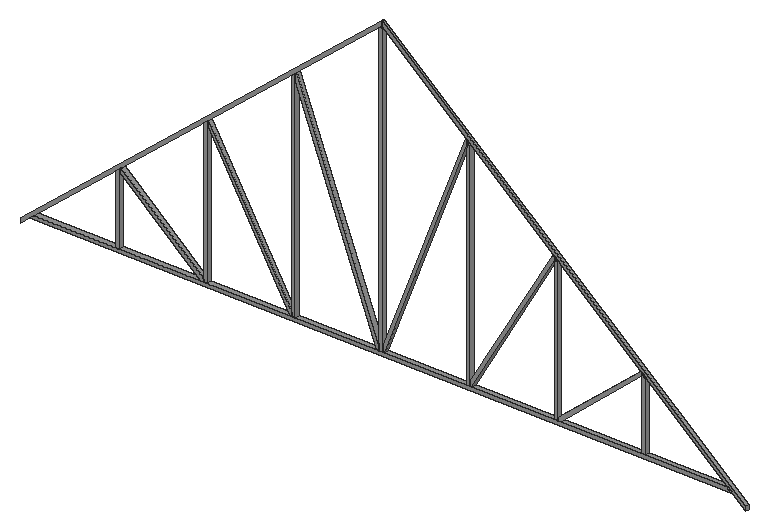
Revit family "TripleHoweTruss", category Structural Framing, Revit 2023
Family settings
  Section Shape = Not Defined
  Material for Model Behavior = Wood
  Always export as geometry = No
  OmniClass Number = 23.25.30.21.14
  OmniClass Title = Trussed Beams and Joists
  Work Plane-Based = No
  Always vertical = Yes
  Cut with Voids When Loaded = No
  Symbolic Representation = From Family
  Shared = No
  Show family pre-cut in plan views = Yes
Parameters
  WebWidth [instance] = 120 mm
  WebDepth [instance] = 100 mm
  T_Volume [instance] = 0.00 m³
  TopWidth [instance] = 80 mm
  Structural Material [instance] = Poche
  SpanRight [instance] = 10000 mm
  SpanLeft [instance] = 10000 mm
  Span [instance] = SpanLeft + SpanRight  # 20000 mm
  SlopeRight [instance] = 40.00°
  SlopeLeft [instance] = 40.00°
  OverhangRight [instance] = 300 mm
  OverhangLeft [instance] = 400 mm
  TopDepth [instance] = 100 mm
  BottomWidth [instance] = 150 mm
  BottomDepth [instance] = 100 mm
Reference planes
  plane 1 "Center (Front/Back)": y = 0
  plane 2: z = 0
  plane 3 "Center (Left/Right)": x = 0
  plane 4: x = -10000
  plane 5: x = 10000
  plane 6: x = 10400
  plane 7: x = -10300
  plane 8: z = 100
  plane 9: x = 50
  plane 10: x = -50
  plane 11: x = 2500
  plane 12: x = 7500
  plane 13: x = 5000
  plane 14: x = -2500
  plane 15: x = -7500
  plane 16: x = -5000
  plane 17: x = 2450
  plane 18: x = 2550
  plane 19: x = 4950
  plane 20: x = 5050
  plane 21: x = 7450
  plane 22: x = 7550
  plane 23: x = -2550
  plane 24: x = -2450
  plane 25: x = -5050
  plane 26: x = -4950
  plane 27: x = -7550
  plane 28: x = -7450
Forms (mm)
  Extrusion 1, solid, material "Cherry"
    sketch origin (0, 0, 0) x (1, 0, 0) y (0, 0, 1)
      loop
        line (-7550, 2055.794) -> (-7550, 100) -> (-7450, 100) -> (-7450, 2139.704) -> (-7550, 2055.794)
    from -60 to 60
  Extrusion 2, solid, material "Cherry"
    sketch origin (0, 0, 0) x (1, 0, 0) y (0, 0, 1)
      loop
        line (-4950, 4237.453) -> (-5050, 4153.543) -> (-5050, 100) -> (-4950, 100) -> (-4950, 4237.453)
    from -60 to 60
  Extrusion 3, solid, material "Cherry"
    sketch origin (0, 0, 0) x (1, 0, 0) y (0, 0, 1)
      loop
        line (-2450, 6335.202) -> (-2550, 6251.292) -> (-2550, 100) -> (-2450, 100) -> (-2450, 6335.202)
    from -60 to 60
  Extrusion 4, solid, material "Cherry"
    sketch origin (0, 0, 0) x (1, 0, 0) y (0, 0, 1)
      loop
        line (50, 100) -> (50, 8349.041) -> (0, 8390.996) -> (-50, 8349.041) -> (-50, 100) -> (50, 100)
    from -60 to 60
  Extrusion 5, solid, material "Cherry"
    sketch origin (0, 0, 0) x (1, 0, 0) y (0, 0, 1)
      loop
        line (2550, 6251.292) -> (2450, 6335.202) -> (2450, 100) -> (2550, 100) -> (2550, 6251.292)
    from -60 to 60
  Extrusion 6, solid, material "Cherry"
    sketch origin (0, 0, 0) x (1, 0, 0) y (0, 0, 1)
      loop
        line (5050, 4153.543) -> (4950, 4237.453) -> (4950, 100) -> (5050, 100) -> (5050, 4153.543)
    from -60 to 60
  Extrusion 7, solid, material "Cherry"
    sketch origin (0, 0, 0) x (1, 0, 0) y (0, 0, 1)
      loop
        line (7550, 2055.794) -> (7450, 2139.704) -> (7450, 100) -> (7550, 100) -> (7550, 2055.794)
    from -60 to 60
  Extrusion 8, solid, material "Cherry"
    sketch origin (0, 0, 0) x (1, 0, 0) y (0, 0, 1)
      loop
        line (5127.209, 100) -> (7450, 2074.086) -> (7450, 2139.704) -> (7411.149, 2172.304) -> (5050, 165.618) -> (5050, 100) -> (5127.209, 100)
    from -60 to 60
  Extrusion 9, solid, material "Cherry"
    sketch origin (0, 0, 0) x (1, 0, 0) y (0, 0, 1)
      loop
        line (-5050, 165.618) -> (-7411.149, 2172.304) -> (-7450, 2139.704) -> (-7450, 2074.086) -> (-5127.209, 100) -> (-5050, 100) -> (-5050, 165.618)
    from -60 to 60
  Extrusion 10, solid, material "Cherry"
    sketch origin (0, 0, 0) x (1, 0, 0) y (0, 0, 1)
      loop
        line (5127.209, 100) -> (7450, 2074.086) -> (7450, 2139.704) -> (7411.149, 2172.304) -> (5050, 165.618) -> (5050, 100) -> (5127.209, 100)
    from -60 to 60
  Extrusion 11, solid, material "Cherry"
    sketch origin (0, 0, 0) x (1, 0, 0) y (0, 0, 1)
      loop
        line (2607.803, 100) -> (4950, 4137.804) -> (4950, 4237.453) -> (4911.121, 4270.077) -> (2550, 199.649) -> (2550, 100) -> (2607.803, 100)
    from -60 to 60
  Extrusion 12, solid, material "Cherry"
    sketch origin (0, 0, 0) x (1, 0, 0) y (0, 0, 1)
      loop
        line (103.576, 100) -> (2450, 6196.012) -> (2450, 6335.202) -> (2409.503, 6369.183) -> (50, 239.191) -> (50, 100) -> (103.576, 100)
    from -60 to 60
  Extrusion 13, solid, material "Cherry"
    sketch origin (0, 0, 0) x (1, 0, 0) y (0, 0, 1)
      loop
        line (-50, 239.191) -> (-2409.503, 6369.183) -> (-2450, 6335.202) -> (-2450, 6196.012) -> (-103.576, 100) -> (-50, 100) -> (-50, 239.191)
    from -60 to 60
  Extrusion 14, solid, material "Cherry"
    sketch origin (0, 0, 0) x (1, 0, 0) y (0, 0, 1)
      loop
        line (-2550, 199.649) -> (-4911.121, 4270.077) -> (-4950, 4237.453) -> (-4950, 4137.804) -> (-2607.803, 100) -> (-2550, 100) -> (-2550, 199.649)
    from -60 to 60
  Extrusion 15, solid, material "Cherry"
    sketch origin (0, 0, 0) x (1, 0, 0) y (0, 0, 1)
      loop
        line (9880.825, 100) -> (-9880.825, 100) -> (-10000, 0) -> (10000, 0) -> (9880.825, 100)
    from -75 to 75
  Extrusion 16, solid, material "Cherry"
    sketch origin (0, 0, 0) x (1, 0, 0) y (0, 0, 1)
      loop
        line (-10300, -251.73) -> (0, 8390.996) -> (0, 8521.537) -> (-10300, -121.189) -> (-10300, -251.73)
    from -40 to 40
  Extrusion 17, solid, material "Cherry"
    sketch origin (0, 0, 0) x (1, 0, 0) y (0, 0, 1)
      loop
        line (10400, -335.64) -> (10400, -205.099) -> (0, 8521.537) -> (0, 8390.996) -> (10400, -335.64)
    from -40 to 40
Lines and regions (mm)
  reference lines
    curve 1: line (10000, 0, 0) -> (0, 0, 8390.996)
    curve 2: line (-10000, 0, 0) -> (0, 0, 8390.996)
    curve 3: line (10001.738, 0, 129.083) -> (-8.024, 0, 8528.27)
    curve 4: line (-9999.444, 0, 131.007) -> (-84.65, 0, 8450.507)
    curve 5: line (0, 40, 1939.254) -> (0, 40, -520.746)
    curve 6: line (0, -40, 1939.254) -> (0, -40, -520.746)
    curve 7: line (0, -60, 1939.254) -> (0, -60, -520.746)
    curve 8: line (0, -75, 1939.254) -> (0, -75, -520.746)
    curve 9: line (0, 60, 1939.254) -> (0, 60, -520.746)
    curve 10: line (0, 75, 1939.254) -> (0, 75, -520.746)
    curve 11: line (50, 0, 100) -> (2450, 0, 6335.202)
    curve 12: line (2550, 0, 100) -> (4950, 0, 4237.453)
    curve 13: line (5050, 0, 100) -> (7450, 0, 2139.704)
    curve 14: line (-50, 0, 100) -> (-2450, 0, 6335.202)
    curve 15: line (-2550, 0, 100) -> (-4950, 0, 4237.453)
    curve 16: line (-5050, 0, 100) -> (-7450, 0, 2139.704)
    curve 17: line (-5079.289, 0, 190.51) -> (-7379.289, 0, 2145.227)
    curve 18: line (-4952.282, 0, -48.667) -> (-7420.711, 0, 2049.194)
    curve 19: line (-2559.693, 0, 216.359) -> (-4859.693, 0, 4181.418)
    curve 20: line (-2553.553, 0, 6.476) -> (-4940.307, 0, 4121.094)
    curve 21: line (-54.683, 0, 251.358) -> (-2354.683, 0, 6226.76)
    curve 22: line (-63.942, 0, -2.971) -> (-2445.317, 0, 6183.844)
    curve 23: line (54.683, 0, 251.358) -> (2354.683, 0, 6226.76)
    curve 24: line (63.942, 0, -2.971) -> (2445.317, 0, 6183.844)
    curve 25: line (2559.693, 0, 216.359) -> (4859.693, 0, 4181.418)
    curve 26: line (2553.553, 0, 6.476) -> (4940.307, 0, 4121.094)
    curve 27: line (5077.463, 0, 188.958) -> (7377.463, 0, 2143.675)
    curve 28: line (4952.282, 0, -48.667) -> (7420.711, 0, 2049.194)
Dimensions and locks
  "SpanLeft": plane 3 "Center (Left/Right)" to plane 5
  "SpanRight": plane 3 "Center (Left/Right)" to plane 4
  "OverhangLeft": plane 5 to plane 6
  "OverhangRight": plane 7 to plane 4
  "BottomDepth": level to plane 8
  equal spacing: plane 10, plane 3 "Center (Left/Right)", plane 9
  "TopDepth": curve 1 to curve 3
  "TopDepth": curve 4 to curve 2
  equal spacing: curve 5, curve 4, curve 6
  "TopWidth": curve 5 to curve 6
  equal spacing: curve 9, curve 4, curve 7
  "WebWidth": curve 9 to curve 7
  equal spacing: curve 10, curve 4, curve 8
  "BottomWidth": curve 10 to curve 8
  plane 5 to plane 3 "Center (Left/Right)" = 10000 mm
  plane 4 to plane 3 "Center (Left/Right)" = 10000 mm
  equal spacing: plane 5, plane 12, plane 13, plane 11, plane 3 "Center (Left/Right)"
  equal spacing: plane 3 "Center (Left/Right)", plane 14, plane 16, plane 15, plane 4
  equal spacing: plane 28, plane 15, plane 27
  equal spacing: plane 26, plane 16, plane 25
  equal spacing: plane 24, plane 14, plane 23
  equal spacing: plane 9, plane 3 "Center (Left/Right)", plane 10
  equal spacing: plane 18, plane 11, plane 17
  equal spacing: plane 20, plane 13, plane 19
  equal spacing: plane 22, plane 12, plane 21
  "WebDepth": plane 28 to plane 27
  "WebDepth": plane 26 to plane 25
  "WebDepth": plane 24 to plane 23
  "WebDepth": plane 9 to plane 10
  "WebDepth": plane 18 to plane 17
  "WebDepth": plane 20 to plane 19
  "WebDepth": plane 22 to plane 21
  equal spacing: curve 17, curve 16, curve 18
  equal spacing: curve 19, curve 15, curve 20
  equal spacing: curve 21, curve 14, curve 22
  equal spacing: curve 24, curve 11, curve 23
  equal spacing: curve 26, curve 12, curve 25
  equal spacing: curve 28, curve 13, curve 27
  "WebDepth": curve 17 to curve 18
  "WebDepth": curve 19 to curve 20
  "WebDepth": curve 21 to curve 22
  "WebDepth": curve 24 to curve 23
  "WebDepth": curve 26 to curve 25
  "WebDepth": curve 28 to curve 27
  "SlopeLeft": angle level to curve 1
  "SlopeRight": angle curve 2 to level
  aligned and locked: plane 2 to level
  aligned and locked: plane 3 "Center (Left/Right)" to curve 1
  aligned and locked: plane 5 to curve 1
  aligned and locked: curve 1 to level
  aligned and locked: level to curve 2
  aligned and locked: curve 2 to Extrusion 1 sketch curve
  aligned and locked: plane 28 to Extrusion 1 sketch curve
  aligned and locked: Extrusion 1 sketch curve to plane 27
  aligned and locked: Extrusion 1 sketch curve to plane 8
  aligned and locked: plane 26 to Extrusion 2 sketch curve
  aligned and locked: Extrusion 2 sketch curve to plane 25
  aligned and locked: curve 2 to Extrusion 2 sketch curve
  aligned and locked: Extrusion 2 sketch curve to plane 8
  aligned and locked: Extrusion 3 sketch curve to plane 24
  aligned and locked: Extrusion 3 sketch curve to plane 23
  aligned and locked: curve 2 to Extrusion 3 sketch curve
  aligned and locked: Extrusion 3 sketch curve to plane 8
  aligned and locked: Extrusion 4 sketch curve to plane 9
  aligned and locked: plane 10 to Extrusion 4 sketch curve
  aligned and locked: curve 1 to Extrusion 4 sketch curve
  aligned and locked: curve 2 to Extrusion 4 sketch curve
  aligned and locked: Extrusion 4 sketch curve to plane 8
  aligned and locked: Extrusion 5 sketch curve to plane 18
  aligned and locked: Extrusion 5 sketch curve to plane 17
  aligned and locked: curve 1 to Extrusion 5 sketch curve
  aligned and locked: Extrusion 5 sketch curve to plane 8
  aligned and locked: plane 20 to Extrusion 6 sketch curve
  aligned and locked: Extrusion 6 sketch curve to plane 19
  aligned and locked: curve 1 to Extrusion 6 sketch curve
  aligned and locked: plane 22 to Extrusion 7 sketch curve
  aligned and locked: Extrusion 7 sketch curve to plane 21
  aligned and locked: plane 8 to Extrusion 7 sketch curve
  aligned and locked: curve 1 to Extrusion 7 sketch curve
  aligned and locked: curve 28 to Extrusion 8 sketch curve
  aligned and locked: Extrusion 8 sketch curve to curve 27
  aligned and locked: Extrusion 8 sketch curve to Extrusion 7
  aligned and locked: curve 1 to Extrusion 8 sketch curve
  aligned and locked: Extrusion 8 sketch curve to Extrusion 6
  aligned and locked: Extrusion 8 sketch curve to plane 8
  aligned and locked: Extrusion 9 sketch curve to curve 17
  aligned and locked: curve 18 to Extrusion 9 sketch curve
  aligned and locked: curve 2 to Extrusion 9 sketch curve
  aligned and locked: Extrusion 1 to Extrusion 9 sketch curve
  aligned and locked: Extrusion 2 to Extrusion 9 sketch curve
  aligned and locked: Extrusion 9 sketch curve to plane 8
  aligned and locked: Extrusion 10 sketch curve to Extrusion 8  (x2)
  aligned and locked: curve 1 to Extrusion 10 sketch curve
  aligned and locked: Extrusion 10 sketch curve to plane 8
  aligned and locked: Extrusion 10 sketch curve to Extrusion 6
  aligned and locked: Extrusion 10 sketch curve to Extrusion 7
  aligned and locked: curve 26 to Extrusion 11 sketch curve
  aligned and locked: Extrusion 11 sketch curve to Extrusion 6
  aligned and locked: Extrusion 11 sketch curve to curve 25
  aligned and locked: Extrusion 11 sketch curve to plane 8
  aligned and locked: Extrusion 11 sketch curve to Extrusion 5
  aligned and locked: curve 1 to Extrusion 11 sketch curve
  aligned and locked: curve 24 to Extrusion 12 sketch curve
  aligned and locked: Extrusion 12 sketch curve to curve 23
  aligned and locked: Extrusion 12 sketch curve to Extrusion 5
  aligned and locked: curve 1 to Extrusion 12 sketch curve
  aligned and locked: Extrusion 12 sketch curve to Extrusion 4
  aligned and locked: Extrusion 12 sketch curve to plane 8
  aligned and locked: Extrusion 13 sketch curve to curve 21
  aligned and locked: curve 22 to Extrusion 13 sketch curve
  aligned and locked: curve 2 to Extrusion 13 sketch curve
  aligned and locked: Extrusion 4 to Extrusion 13 sketch curve
  aligned and locked: Extrusion 13 sketch curve to plane 8
  aligned and locked: Extrusion 3 to Extrusion 13 sketch curve
  aligned and locked: Extrusion 14 sketch curve to curve 19
  aligned and locked: curve 20 to Extrusion 14 sketch curve
  aligned and locked: curve 2 to Extrusion 14 sketch curve
  aligned and locked: Extrusion 2 to Extrusion 14 sketch curve
  aligned and locked: Extrusion 14 sketch curve to plane 8
  aligned and locked: Extrusion 3 to Extrusion 14 sketch curve
  aligned and locked: Extrusion 3 to curve 9
  aligned and locked: Extrusion 3 to curve 7
  aligned and locked: Extrusion 2 to curve 9
  aligned and locked: Extrusion 2 to curve 7
  aligned and locked: Extrusion 1 to curve 9
  aligned and locked: Extrusion 1 to curve 7
  aligned and locked: Extrusion 9 to curve 9
  aligned and locked: Extrusion 9 to curve 7
  aligned and locked: Extrusion 14 to curve 9
  aligned and locked: Extrusion 14 to curve 7
  aligned and locked: Extrusion 10 to curve 9
  aligned and locked: Extrusion 10 to curve 7
  aligned and locked: Extrusion 13 to curve 9
  aligned and locked: Extrusion 13 to curve 7
  aligned and locked: Extrusion 8 to curve 9
  aligned and locked: Extrusion 8 to curve 7
  aligned and locked: Extrusion 4 to curve 9
  aligned and locked: Extrusion 4 to curve 7
  aligned and locked: Extrusion 12 to curve 9
  aligned and locked: Extrusion 12 to curve 7
  aligned and locked: Extrusion 5 to curve 9
  aligned and locked: Extrusion 5 to curve 7
  aligned and locked: Extrusion 11 to curve 9
  aligned and locked: Extrusion 11 to curve 7
  aligned and locked: Extrusion 7 to curve 9
  aligned and locked: Extrusion 7 to curve 7
  aligned and locked: Extrusion 6 to curve 9
  aligned and locked: Extrusion 6 to curve 7
  aligned and locked: Extrusion 15 sketch curve to plane 8
  aligned and locked: Extrusion 15 sketch curve to level
  aligned and locked: Extrusion 15 sketch curve to curve 2
  aligned and locked: Extrusion 15 sketch curve to curve 1
  aligned and locked: curve 10 to Extrusion 15
  aligned and locked: Extrusion 15 to curve 8
  aligned and locked: Extrusion 16 sketch curve to curve 2
  aligned and locked: Extrusion 16 sketch curve to curve 4
  aligned and locked: Extrusion 16 sketch curve to plane 7
  aligned and locked: Extrusion 16 sketch curve to curve 10
  aligned and locked: Extrusion 17 sketch curve to curve 1
  aligned and locked: Extrusion 17 sketch curve to curve 3
  aligned and locked: plane 6 to Extrusion 17 sketch curve
  aligned and locked: Extrusion 17 sketch curve to curve 10
  aligned and locked: Extrusion 16 to curve 5
  aligned and locked: Extrusion 16 to curve 6
  aligned and locked: Extrusion 17 to Extrusion 16  (x2)
Automatic sketch dimensions
  Extrusion 6 sketch curve to plane 8 = 0 mm
  curve 16 to plane 28 = 0 mm
  curve 16 to plane 8 = 0 mm
  curve 16 to plane 25 = 0 mm
  curve 15 to plane 26 = 0 mm
  curve 15 to plane 8 = 0 mm
  curve 15 to plane 23 = 0 mm
  curve 14 to plane 24 = 0 mm
  curve 14 to plane 8 = 0 mm
  curve 14 to plane 10 = 0 mm
  curve 11 to plane 8 = 0 mm
  plane 9 to curve 11 = 0 mm
  curve 11 to plane 17 = 0 mm
  curve 12 to plane 8 = 0 mm
  plane 18 to curve 12 = 0 mm
  curve 12 to plane 19 = 0 mm
  curve 13 to plane 8 = 0 mm
  plane 20 to curve 13 = 0 mm
  curve 13 to plane 21 = 0 mm
  curve 4 to plane 4 = 0.556 mm
  curve 18 to plane 28 = 29.289 mm
  curve 17 to plane 28 = 70.711 mm
  curve 17 to plane 25 = 29.289 mm
  plane 26 to curve 18 = 2.282 mm
  curve 20 to plane 26 = 9.693 mm
  curve 19 to plane 26 = 90.307 mm
  curve 19 to plane 23 = 9.693 mm
  curve 20 to plane 23 = 3.553 mm
  curve 22 to plane 24 = 4.683 mm
  curve 21 to plane 24 = 95.317 mm
  curve 22 to level = 2.971 mm
  curve 4 to plane 10 = 34.65 mm
  curve 21 to plane 10 = 4.683 mm
  curve 3 to plane 3 "Center (Left/Right)" = 8.024 mm
  curve 23 to plane 9 = 4.683 mm
  curve 24 to level = 2.971 mm
  curve 23 to plane 17 = 95.317 mm
  curve 24 to plane 17 = 4.683 mm
  curve 26 to plane 18 = 3.553 mm
  curve 25 to plane 18 = 9.693 mm
  curve 25 to plane 19 = 90.307 mm
  curve 26 to plane 19 = 9.693 mm
  plane 19 to curve 28 = 2.282 mm
  curve 27 to plane 20 = 27.463 mm
  curve 27 to plane 21 = 72.537 mm
  curve 28 to plane 21 = 29.289 mm
  curve 3 to plane 5 = 1.738 mm
  curve 10 to level = 520.746 mm
  curve 5 to curve 10 = 0 mm
  curve 8 to curve 5 = 0 mm
  curve 8 to curve 6 = 0 mm  (x2)
  curve 8 to curve 7 = 0 mm  (x2)
  curve 9 to curve 10 = 0 mm  (x2)
  plane 8 to curve 6 = 1839.254 mm
  curve 6 to curve 9 = 0 mm
  curve 5 to curve 9 = 0 mm
